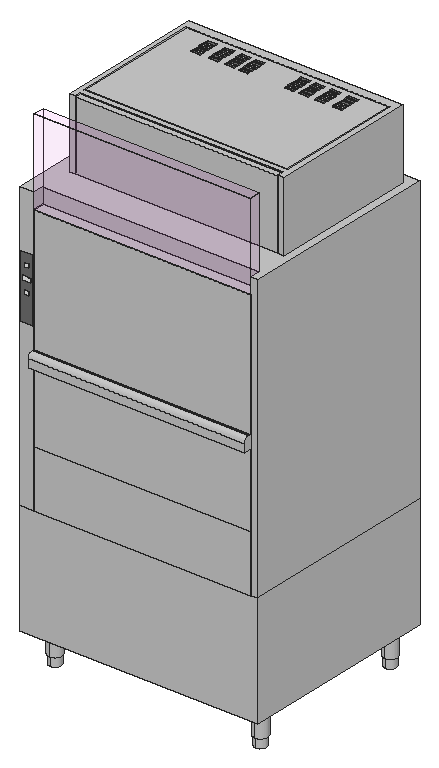
Revit family "QF_COMENDA_6G3161_6G3266_AA_CAT", category Attrezzature speciali, Revit 2021
Family settings
  Quota connettore circolare = Usa diametro
  Tipo di parte = Normale
  Numero OmniClass = 23.40.40.14
  Titolo OmniClass = Food Service Equipment
  Basato su piano di lavoro = No
  Sempre verticale = Sì
  Taglio con vuoti quando caricato = No
  Condiviso = No
  Punto di calcolo locali = No
Parameters (values of type "6G3161_AA")
  URL catalogo = "https://www.comenda.fr/pdf/docs/Gi/GAMME_GI_2023.pdf"
  URL = "www.comenda.fr"
  Tensione = 400 V
  Temperatura raccomandata per acqua calda = 50 °C
  Show Logo [instance] = yes
  Show Clearance [instance] = yes
  Protezione contro le sovracorrenti = 16 A
  Prospetto di default = 0 mm
  Profondità = 900 mm
  Pressione minima acqua calda = 2000.0 Pa
  Potenza elettrica = 9000 W
  Peso netto = 230.00 kg
  Numero dei poli = 3
  Modello = "Gi 805 R RCD CRC"
  Produttore = "COMENDA"
  Lunghezza = 1020 mm
  Frequenza = 50 Hz
  Fase = 3
  Diametro raccordo acqua calda = 3/4"
  Diametro dello scarico diretto di acqua = 1 3/8"
  Descrizione = "THREE-PHASE FRONT LOADING POTWASHER WITH RCD"
  Corrente di funzionamento normale = 13.7 A
  Assembly Code = ""
  Altezza dello scarico diretto acqua da pavimento finito = 145 mm
  Altezza da terra raccordo acqua calda = 175 mm
  Altezza allacciamento elettrico da pavimento finito = 135 mm
  Altezza = 2145 mm
Types (2, lengths in mm): name | Modello | Altezza
  6G3161_AA | "Gi 805 R RCD CRC" | 2145
  6G3266_AA | "Gi 805H R RCD CRC" | 2295
Reference planes
  plane 1 "Back": y = 0
  plane 2: z = 0
  plane 3 "Left": x = -30
  plane 4 "Right": x = 990
  plane 5 "Front": y = -900
  plane 6 "Top": z = 2145
Forms (mm)
  Revolve 1, solid
    sketch origin (50, -8.5, 0) x (0, 1, 0) y (0, 0, 1)
      loop
        line (-50, 135) -> (-80, 135) -> (-80, 0) -> (-55, 0) -> (-55, 40) -> (-50, 40) -> (-50, 135)
      axis (-80, 0) -> (-80, 135)
    angle from 0 to 360
  Revolve 2, solid
    sketch origin (50, -701.5, 0) x (0, 1, 0) y (0, 0, 1)
      loop
        line (-50, 135) -> (-80, 135) -> (-80, 0) -> (-55, 0) -> (-55, 40) -> (-50, 40) -> (-50, 135)
      axis (-80, 0) -> (-80, 135)
    angle from 0 to 360
  Revolve 3, solid
    sketch origin (935, -8.5, 0) x (0, 1, 0) y (0, 0, 1)
      loop
        line (-50, 135) -> (-80, 135) -> (-80, 0) -> (-55, 0) -> (-55, 40) -> (-50, 40) -> (-50, 135)
      axis (-80, 0) -> (-80, 135)
    angle from 0 to 360
  Revolve 4, solid
    sketch origin (935, -705, 0) x (0, 1, 0) y (0, 0, 1)
      loop
        line (-50, 135) -> (-80, 135) -> (-80, 0) -> (-55, 0) -> (-55, 40) -> (-50, 40) -> (-50, 135)
      axis (-80, 0) -> (-80, 135)
    angle from 0 to 360
  Extrusion 5, solid
    sketch origin (1.5, 0, 563.5) x (1, 0, 0) y (0, 1, 0)
      loop
        line (-31.5, 0) -> (-31.5, -870) -> (28.5, -870) -> (28.5, -820) -> (960, -820) -> (960, -870) -> (988.5, -870) -> (988.5, 0) -> (-31.5, 0)
    from 57 to 1281.5
  Extrusion 6, solid
    sketch origin (0, 0, -35) x (1, 0, 0) y (0, 1, 0)
      loop
        line (-30, 0) -> (-30, -870) -> (990, -870) -> (990, 0) -> (-30, 0)
    from 170 to 655
  Extrusion 7, solid
    sketch origin (33.5, 0, 0) x (0, 1, 0) y (0, 0, 1)
      loop
        line (-900, 1183) -> (-870, 1183) -> (-870, 1238) -> (-880, 1238)
        arc (-880, 1238) -> (-894.142, 1232.142) -> (-900, 1218) r 20
        line (-900, 1218) -> (-900, 1183)
    from -2.5 to 926.5
  Extrusion 8, solid
    sketch origin (0, 0, 620) x (1, 0, 0) y (0, 1, 0)
      loop
        line (31, -870) -> (960, -870) -> (960, -820) -> (31, -820) -> (31, -870)
    from 0 to 244
  Extrusion 9, solid
    sketch origin (0, 0, 864) x (1, 0, 0) y (0, 1, 0)
      loop
        line (31, -870) -> (960, -870) -> (960, -820) -> (31, -820) -> (31, -870)
    from 1 to 374
  Extrusion 10, solid
    sketch origin (0, 0, 1292) x (1, 0, 0) y (0, 1, 0)
      loop
        line (31.5, -870) -> (960, -870) -> (960, -820) -> (31.5, -820) -> (31.5, -870)
    from -54 to 486
  Extrusion 11, solid, visible <- "Show Clearance", detail levels coarse
    sketch origin (30, 0, -9) x (0, -1, 0) y (0, 0, 1)
      loop
        line (870, 873) -> (1072.633, 873)
        arc (1072.633, 873) -> (1017.98, 1067.621) -> (870, 1205.34) r 373.852
        line (870, 1205.34) -> (870, 873)
    from 0 to -928.5
  Extrusion 12, solid
    sketch origin (-775, -868.2, 728.939) x (1, 0, 0) y (0, 0, 1)
      loop
        line (800, 871) -> (750, 871) -> (750, 601) -> (800, 601) -> (800, 871)
    from 0 to 2
  Extrusion 13, solid
    sketch origin (-1975.001, -868.4, 756.591) x (1, 0, 0) y (0, 0, 1)
      loop
        line (1993.501, 752.409) -> (1956.501, 752.409) -> (1956.501, 734.409) -> (1993.501, 734.409) -> (1993.501, 752.409)
      loop
        line (1983.001, 788.909) -> (1983.001, 804.909) -> (1967.001, 804.909) -> (1967.001, 788.909) -> (1983.001, 788.909)
      loop
        line (1983.001, 681.909) -> (1983.001, 697.909) -> (1967.001, 697.909) -> (1967.001, 681.909) -> (1983.001, 681.909)
    from 0 to 2
  Extrusion 14, solid
    sketch origin (962, -870, 710) x (0, 1, 0) y (0, 0, -1)
      loop
        line (0, -1068) -> (0, -1435) -> (50, -1435) -> (50, -1068) -> (0, -1068)
    from 1.5 to 930.5
  Extrusion 15, void
    sketch origin (935, -785, 0) x (1, 0, 0) y (0, 1, 0)
      loop
        circle (-175, 175) r 17.5
    from 0 to 145
  Extrusion 16, void
    sketch origin (945, -785, 0) x (1, 0, 0) y (0, 1, 0)
      loop
        circle (-895, 35) r 10
    from 0 to 175
  Extrusion 17, solid
    sketch origin (0, 0, 135) x (0, 1, 0) y (1, 0, 0)
      loop
        circle (-848, 905) r 4.85
    from 0 to 1
  Extrusion 18, solid
    sketch origin (-1089.5, 119.987, 2067.993) x (1, 0, 0) y (0, 1, 0)
      loop
        line (1124.5, -165) -> (1124.5, -805) -> (1149.5, -805) -> (1149.5, -780) -> (2019.5, -780) -> (2019.5, -805) -> (2044.5, -805) -> (2044.5, -165) -> (1124.5, -165)
      loop
        line (2019.5, -755) -> (2019.5, -204.872) -> (1144.5, -204.872) -> (1144.5, -755) -> (2019.5, -755)
    from -222.993 to 77.007
  Extrusion 19, solid
    sketch origin (-1089.5, 119.987, 2067.993) x (1, 0, 0) y (0, 1, 0)
      loop
        line (2017.5, -206.872) -> (1151.5, -206.872) -> (1151.5, -753) -> (2017.5, -753) -> (2017.5, -206.872)
    from -222.993 to 77.007
  Extrusion 20, solid
    sketch origin (930, -660.013, 2067.993) x (-1, 0, 0) y (0, 0, -1)
      loop
        line (868, -75.007) -> (868, 222.993) -> (2, 222.993) -> (2, -75.007) -> (868, -75.007)
    from 0 to 25
  Extrusion 21, solid
    sketch origin (-1089.5, 119.987, 2145) x (1, 0, 0) y (0, 1, 0)
      loop
        line (1260.948, -234.377) -> (1260.948, -244.376) -> (1300.948, -244.376) -> (1300.948, -234.377) -> (1260.948, -234.377)
      loop
        line (1260.948, -254.377) -> (1260.948, -264.377) -> (1300.948, -264.377) -> (1300.948, -254.377) -> (1260.948, -254.377)
      loop
        line (1260.948, -274.377) -> (1260.948, -284.377) -> (1300.948, -284.377) -> (1300.948, -274.377) -> (1260.948, -274.377)
      loop
        line (1260.948, -294.377) -> (1260.948, -304.377) -> (1300.948, -304.377) -> (1300.948, -294.377) -> (1260.948, -294.377)
      loop
        line (1260.948, -314.377) -> (1260.948, -324.377) -> (1300.948, -324.377) -> (1300.948, -314.377) -> (1260.948, -314.377)
      loop
        line (1335.948, -234.377) -> (1335.948, -244.376) -> (1375.948, -244.376) -> (1375.948, -234.377) -> (1335.948, -234.377)
      loop
        line (1335.948, -254.377) -> (1335.948, -264.377) -> (1375.948, -264.377) -> (1375.948, -254.377) -> (1335.948, -254.377)
      loop
        line (1335.948, -274.377) -> (1335.948, -284.377) -> (1375.948, -284.377) -> (1375.948, -274.377) -> (1335.948, -274.377)
      loop
        line (1335.948, -294.377) -> (1335.948, -304.377) -> (1375.948, -304.377) -> (1375.948, -294.377) -> (1335.948, -294.377)
      loop
        line (1335.948, -314.377) -> (1335.948, -324.377) -> (1375.948, -324.377) -> (1375.948, -314.377) -> (1335.948, -314.377)
      loop
        line (1405.948, -234.377) -> (1405.948, -244.376) -> (1445.948, -244.376) -> (1445.948, -234.377) -> (1405.948, -234.377)
      loop
        line (1405.948, -254.377) -> (1405.948, -264.377) -> (1445.948, -264.377) -> (1445.948, -254.377) -> (1405.948, -254.377)
      loop
        line (1405.948, -274.377) -> (1405.948, -284.377) -> (1445.948, -284.377) -> (1445.948, -274.377) -> (1405.948, -274.377)
      loop
        line (1405.948, -294.377) -> (1405.948, -304.377) -> (1445.948, -304.377) -> (1445.948, -294.377) -> (1405.948, -294.377)
      loop
        line (1405.948, -314.377) -> (1405.948, -324.377) -> (1445.948, -324.377) -> (1445.948, -314.377) -> (1405.948, -314.377)
      loop
        line (1466.948, -234.377) -> (1466.948, -244.376) -> (1506.948, -244.376) -> (1506.948, -234.377) -> (1466.948, -234.377)
      loop
        line (1466.948, -254.377) -> (1466.948, -264.377) -> (1506.948, -264.377) -> (1506.948, -254.377) -> (1466.948, -254.377)
      loop
        line (1466.948, -274.377) -> (1466.948, -284.377) -> (1506.948, -284.377) -> (1506.948, -274.377) -> (1466.948, -274.377)
      loop
        line (1466.948, -294.377) -> (1466.948, -304.377) -> (1506.948, -304.377) -> (1506.948, -294.377) -> (1466.948, -294.377)
      loop
        line (1466.948, -314.377) -> (1466.948, -324.377) -> (1506.948, -324.377) -> (1506.948, -314.377) -> (1466.948, -314.377)
      loop
        line (1908.148, -234.377) -> (1868.148, -234.377) -> (1868.148, -244.376) -> (1908.148, -244.376) -> (1908.148, -234.377)
      loop
        line (1908.148, -254.377) -> (1868.148, -254.377) -> (1868.148, -264.377) -> (1908.148, -264.377) -> (1908.148, -254.377)
      loop
        line (1908.148, -274.377) -> (1868.148, -274.377) -> (1868.148, -284.377) -> (1908.148, -284.377) -> (1908.148, -274.377)
      loop
        line (1908.148, -294.377) -> (1868.148, -294.377) -> (1868.148, -304.377) -> (1908.148, -304.377) -> (1908.148, -294.377)
      loop
        line (1908.148, -314.377) -> (1868.148, -314.377) -> (1868.148, -324.377) -> (1908.148, -324.377) -> (1908.148, -314.377)
      loop
        line (1833.148, -234.377) -> (1793.148, -234.377) -> (1793.148, -244.376) -> (1833.148, -244.376) -> (1833.148, -234.377)
      loop
        line (1833.148, -254.377) -> (1793.148, -254.377) -> (1793.148, -264.377) -> (1833.148, -264.377) -> (1833.148, -254.377)
      loop
        line (1833.148, -274.377) -> (1793.148, -274.377) -> (1793.148, -284.377) -> (1833.148, -284.377) -> (1833.148, -274.377)
      loop
        line (1833.148, -294.377) -> (1793.148, -294.377) -> (1793.148, -304.377) -> (1833.148, -304.377) -> (1833.148, -294.377)
      loop
        line (1833.148, -314.377) -> (1793.148, -314.377) -> (1793.148, -324.377) -> (1833.148, -324.377) -> (1833.148, -314.377)
      loop
        line (1763.148, -234.377) -> (1723.148, -234.377) -> (1723.148, -244.376) -> (1763.148, -244.376) -> (1763.148, -234.377)
      loop
        line (1763.148, -254.377) -> (1723.148, -254.377) -> (1723.148, -264.377) -> (1763.148, -264.377) -> (1763.148, -254.377)
      loop
        line (1763.148, -274.377) -> (1723.148, -274.377) -> (1723.148, -284.377) -> (1763.148, -284.377) -> (1763.148, -274.377)
      loop
        line (1763.148, -294.377) -> (1723.148, -294.377) -> (1723.148, -304.377) -> (1763.148, -304.377) -> (1763.148, -294.377)
      loop
        line (1763.148, -314.377) -> (1723.148, -314.377) -> (1723.148, -324.377) -> (1763.148, -324.377) -> (1763.148, -314.377)
      loop
        line (1702.148, -234.377) -> (1662.148, -234.377) -> (1662.148, -244.376) -> (1702.148, -244.376) -> (1702.148, -234.377)
      loop
        line (1702.148, -254.377) -> (1662.148, -254.377) -> (1662.148, -264.377) -> (1702.148, -264.377) -> (1702.148, -254.377)
      loop
        line (1702.148, -274.377) -> (1662.148, -274.377) -> (1662.148, -284.377) -> (1702.148, -284.377) -> (1702.148, -274.377)
      loop
        line (1702.148, -294.377) -> (1662.148, -294.377) -> (1662.148, -304.377) -> (1702.148, -304.377) -> (1702.148, -294.377)
      loop
        line (1702.148, -314.377) -> (1662.148, -314.377) -> (1662.148, -324.377) -> (1702.148, -324.377) -> (1702.148, -314.377)
    from 0 to 0.5
Cuts and joins
  Extrusion 15, Extrusion 16 cuts Extrusion 5
  Extrusion 15, Extrusion 16 cuts Extrusion 6
  joined: Extrusion 5, Extrusion 6
Lines and regions (mm)
  symbolic lines, style "200-EquipBorder-2D"
    curve 1: line (-30, 0, 0) -> (990, 0, 0)
    curve 2: line (-30, -870, 0) -> (-30, 0, 0)
    curve 3: line (990, -870, 0) -> (-30, -870, 0)
    curve 4: line (990, 0, 0) -> (990, -870, 0)
    curve 7: line (31, -870, 0) -> (31, -900, 0)
    curve 8: line (31, -900, 0) -> (960, -900, 0)
    curve 10: line (960, -900, 0) -> (960, -870, 0)
  symbolic lines, style "200-EquipInternal-2D"
    curve 5: line (31, -870, 0) -> (31, -820, 0)
    curve 6: line (31, -820, 0) -> (960, -820, 0)
    curve 11: line (960, -820, 0) -> (960, -870, 0)
  symbolic lines, style "QF_Door-Drawer Clearances", visible <- "Show Clearance"
    curve 9: line (31, -870, 0) -> (31, -1072.633, 0)
    curve 12: line (960, -1072.633, 0) -> (960, -870, 0)
    curve 13: line (31, -1072.633, 0) -> (960, -1072.633, 0)
  symbolic lines, style "200-InsPoint-3D"
    curve 14: circle (-30, 0, 0) r 0.2 normal (0, 0, 1)
    curve 15: circle (990, 0, 0) r 0.2 normal (0, 0, 1)
    curve 16: circle (-30, -870, 0) r 0.2 normal (0, 0, 1)
    curve 17: circle (990, -870, 0) r 0.2 normal (0, 0, 1)
Dimensions and locks
  plane 3 "Left" to plane 4 "Right" = 1020 mm
  plane 5 "Front" to plane 1 "Back" = 900 mm
  "Altezza": plane 6 "Top" to level
  cut or joined group of Extrusion 5, Extrusion 6, Extrusion 15, Extrusion 16 to Extrusion 10 = 67 mm
  plane 6 "Top" to level = 2145 mm
  locked: Extrusion 9 to level at 865
  locked: cut or joined group of Extrusion 5, Extrusion 6, Extrusion 15, Extrusion 16 to level at 135
  locked: cut or joined group of Extrusion 5, Extrusion 6, Extrusion 15, Extrusion 16 to level at 620.5
  locked: Extrusion 13 to level at 1491
  locked: Extrusion 13 to Extrusion 12 at 108.561
  curve 12 to curve 11 = 0 mm
  Extrusion 11 to level = 864 mm
  Extrusion 18 sketch curve to Extrusion 18 sketch curve = 920 mm
  locked: Extrusion 18 sketch curve to Extrusion 18 sketch curve at 640
  locked: Extrusion 18 sketch curve to Extrusion 18 sketch curve at 25  (x3)
  Extrusion 18 sketch curve to Extrusion 18 sketch curve = 20 mm
  locked: plane 6 "Top" to cut or joined group of Extrusion 5, Extrusion 6, Extrusion 15, Extrusion 16 at 300
  locked: cut or joined group of Extrusion 5, Extrusion 6, Extrusion 15, Extrusion 16 to Extrusion 10 at 67
  locked: plane 6 "Top" to Extrusion 10 at 907
  aligned and locked: level to plane 2
  aligned and locked: Extrusion 7 sketch curve to Extrusion 9
  aligned and locked: Extrusion 14 sketch curve to Extrusion 10  (x2)
  aligned and locked: cut or joined group of Extrusion 5, Extrusion 6, Extrusion 15, Extrusion 16 to Extrusion 14 sketch curve
  aligned and locked: Extrusion 7 to Extrusion 9
  aligned and locked: Extrusion 9 to Extrusion 7
  aligned and locked: Extrusion 10 to Extrusion 7
  aligned and locked: Extrusion 14 to Extrusion 10
  aligned and locked: Extrusion 11 to curve 13
  aligned and locked: Extrusion 18 to Extrusion 19
  aligned and locked: Extrusion 20 to Extrusion 18  (x2)
  aligned and locked: Extrusion 20 to cut or joined group of Extrusion 5, Extrusion 6, Extrusion 15, Extrusion 16
  aligned and locked: Extrusion 18 to cut or joined group of Extrusion 5, Extrusion 6, Extrusion 15, Extrusion 16
  aligned and locked: Extrusion 19 to cut or joined group of Extrusion 5, Extrusion 6, Extrusion 15, Extrusion 16
  aligned and locked: plane 6 "Top" to Extrusion 18
  aligned and locked: plane 6 "Top" to Extrusion 14
  aligned and locked: Extrusion 11 to Extrusion 8
Automatic sketch dimensions
  Revolve 1 sketch curve to level = 0 mm
  plane 1 "Back" to Revolve 1 sketch curve = 88.5 mm
  Revolve 1 sketch curve to Revolve 1 sketch curve = 25 mm
  Revolve 1 sketch curve to Revolve 1 sketch curve = 5 mm
  level to Revolve 1 sketch curve = 40 mm
  Revolve 1 sketch curve to Revolve 1 sketch curve = 95 mm
  Revolve 1 sketch curve to Revolve 1 sketch curve = 0 mm
  Revolve 1 sketch curve to Revolve 1 sketch curve = 35 mm
  Revolve 1 sketch curve to Revolve 1 sketch curve = 15 mm
  Revolve 2 sketch curve to level = 0 mm
  plane 5 "Front" to Revolve 2 sketch curve = 118.5 mm
  Revolve 2 sketch curve to Revolve 2 sketch curve = 25 mm
  Revolve 2 sketch curve to Revolve 2 sketch curve = 5 mm
  level to Revolve 2 sketch curve = 40 mm
  Revolve 2 sketch curve to Revolve 2 sketch curve = 95 mm
  Revolve 2 sketch curve to Revolve 2 sketch curve = 0 mm
  Revolve 2 sketch curve to Revolve 2 sketch curve = 35 mm
  Revolve 2 sketch curve to Revolve 2 sketch curve = 15 mm
  Revolve 3 sketch curve to level = 0 mm
  plane 1 "Back" to Revolve 3 sketch curve = 88.5 mm
  Revolve 3 sketch curve to Revolve 3 sketch curve = 25 mm
  Revolve 3 sketch curve to Revolve 3 sketch curve = 5 mm
  level to Revolve 3 sketch curve = 40 mm
  Revolve 3 sketch curve to Revolve 3 sketch curve = 95 mm
  Revolve 3 sketch curve to Revolve 3 sketch curve = 0 mm
  Revolve 3 sketch curve to Revolve 3 sketch curve = 35 mm
  Revolve 3 sketch curve to Revolve 3 sketch curve = 15 mm
  Revolve 4 sketch curve to level = 0 mm
  plane 5 "Front" to Revolve 4 sketch curve = 115 mm
  Revolve 4 sketch curve to Revolve 4 sketch curve = 25 mm
  Revolve 4 sketch curve to Revolve 4 sketch curve = 5 mm
  level to Revolve 4 sketch curve = 40 mm
  Revolve 4 sketch curve to Revolve 4 sketch curve = 95 mm
  Revolve 4 sketch curve to Revolve 4 sketch curve = 0 mm
  Revolve 4 sketch curve to Revolve 4 sketch curve = 35 mm
  Revolve 4 sketch curve to Revolve 4 sketch curve = 15 mm
  plane 1 "Back" to Extrusion 5 sketch curve = 0 mm
  Extrusion 5 sketch curve to plane 3 "Left" = 0 mm
  Extrusion 5 sketch curve to plane 4 "Right" = 0 mm
  plane 3 "Left" to Extrusion 5 sketch curve = 60 mm
  Extrusion 5 sketch curve to Extrusion 5 sketch curve = 28.5 mm
  plane 5 "Front" to Extrusion 5 sketch curve = 80 mm
  plane 5 "Front" to Extrusion 5 sketch curve = 30 mm  (x2)
  Extrusion 6 sketch curve to plane 3 "Left" = 0 mm
  Extrusion 6 sketch curve to plane 4 "Right" = 0 mm
  plane 1 "Back" to Extrusion 6 sketch curve = 0 mm
  plane 5 "Front" to Extrusion 6 sketch curve = 30 mm
  Extrusion 7 sketch curve to plane 5 "Front" = 0 mm
  Extrusion 7 sketch curve to Extrusion 7 sketch curve = 20 mm
  Extrusion 7 sketch curve to Extrusion 7 sketch curve = 30 mm
  Extrusion 7 sketch curve to Extrusion 7 sketch curve = 35 mm
  Extrusion 6 to Extrusion 8 sketch curve = 0 mm
  Extrusion 8 sketch curve to Extrusion 6 = 61 mm
  Extrusion 8 sketch curve to Extrusion 6 = 30 mm
  Extrusion 8 sketch curve to Extrusion 6 = 50 mm
  Extrusion 9 sketch curve to Extrusion 8 = 0 mm  (x3)
  Extrusion 8 to Extrusion 9 sketch curve = 0 mm
  plane 3 "Left" to Extrusion 10 sketch curve = 61.5 mm
  plane 4 "Right" to Extrusion 10 sketch curve = 30 mm
  plane 5 "Front" to Extrusion 10 sketch curve = 30 mm
  Extrusion 10 sketch curve to Extrusion 10 sketch curve = 50 mm
  plane 5 "Front" to Extrusion 11 sketch curve = 201.219 mm
  plane 5 "Front" to Extrusion 11 sketch curve = 30 mm
  Extrusion 11 sketch curve to plane 5 "Front" = 172.633 mm
  Extrusion 11 sketch curve to plane 6 "Top" = 1281 mm
  plane 3 "Left" to Extrusion 12 sketch curve = 5 mm
  Extrusion 12 sketch curve to Extrusion 12 sketch curve = 50 mm
  Extrusion 12 sketch curve to plane 6 "Top" = 815.061 mm
  Extrusion 12 sketch curve to Extrusion 12 sketch curve = 270 mm
  plane 3 "Left" to Extrusion 13 sketch curve = 11.5 mm
  plane 3 "Left" to Extrusion 13 sketch curve = 22 mm  (x2)
  Extrusion 13 sketch curve to Extrusion 13 sketch curve = 16 mm  (x4)
  Extrusion 13 sketch curve to Extrusion 13 sketch curve = 37 mm
  Extrusion 13 sketch curve to plane 6 "Top" = 706.5 mm
  Extrusion 13 sketch curve to Extrusion 13 sketch curve = 36.5 mm  (x2)
  Extrusion 13 sketch curve to Extrusion 13 sketch curve = 18 mm
  Revolve 4 to Extrusion 15 sketch curve = 175 mm
  Revolve 4 to Extrusion 16 sketch curve = 885 mm
  Extrusion 6 to Extrusion 17 sketch curve = 22 mm
  Extrusion 6 to Extrusion 17 sketch curve = 85 mm
  plane 3 "Left" to Extrusion 18 sketch curve = 65 mm
  Extrusion 18 sketch curve to Extrusion 18 sketch curve = 0 mm
  plane 5 "Front" to Extrusion 18 sketch curve = 214.987 mm
  Extrusion 18 sketch curve to Extrusion 18 sketch curve = 25 mm  (x2)
  Extrusion 18 sketch curve to Extrusion 18 sketch curve = 39.872 mm
  plane 3 "Left" to Extrusion 19 sketch curve = 92 mm
  plane 4 "Right" to Extrusion 19 sketch curve = 62 mm
  plane 5 "Front" to Extrusion 19 sketch curve = 266.987 mm
  plane 1 "Back" to Extrusion 19 sketch curve = 86.885 mm
  Extrusion 20 sketch curve to Extrusion 18 = 2 mm
  Extrusion 18 to Extrusion 20 sketch curve = 2 mm  (x2)
  Extrusion 20 sketch curve to Extrusion 18 = 0 mm
  Extrusion 21 sketch curve to Extrusion 19 = 27.505 mm  (x5)
  Extrusion 21 sketch curve to Extrusion 19 = 109.448 mm
  Extrusion 21 sketch curve to Extrusion 21 sketch curve = 0 mm  (x58)
  Extrusion 21 sketch curve to Extrusion 21 sketch curve = 40 mm  (x10)
  Extrusion 21 sketch curve to Extrusion 21 sketch curve = 35 mm  (x4)
  Extrusion 21 sketch curve to Extrusion 21 sketch curve = 30 mm  (x4)
  Extrusion 21 sketch curve to Extrusion 21 sketch curve = 21 mm  (x4)
  Extrusion 21 sketch curve to Extrusion 21 sketch curve = 155.2 mm
  Extrusion 21 sketch curve to Extrusion 21 sketch curve = 10 mm  (x72)
  Extrusion 21 sketch curve to Extrusion 19 = 37.505 mm
  Extrusion 14 sketch curve to Extrusion 14 sketch curve = 367 mm
  curve 16 to plane 3 "Left" = 0 mm
  curve 2 to plane 3 "Left" = 0 mm
  plane 1 "Back" to curve 14 = 0 mm
  curve 14 to plane 3 "Left" = 0 mm
  curve 8 to plane 5 "Front" = 0 mm
  plane 1 "Back" to curve 4 = 0 mm
  curve 4 to plane 4 "Right" = 0 mm
  plane 1 "Back" to curve 15 = 0 mm
  curve 15 to plane 4 "Right" = 0 mm
  curve 17 to plane 4 "Right" = 0 mm
  plane 3 "Left" to curve 13 = 61 mm
  curve 5 to curve 9 = 0 mm
  curve 8 to curve 5 = 0 mm
  plane 4 "Right" to curve 13 = 30 mm
  curve 8 to curve 11 = 0 mm
  plane 5 "Front" to curve 4 = 30 mm
  curve 17 to curve 3 = 0 mm
  curve 16 to curve 2 = 0 mm
  curve 10 to curve 6 = 50 mm
  radius of Extrusion 15 sketch curve = 17.5 mm
  radius of Extrusion 16 sketch curve = 10 mm
  radius of Extrusion 17 sketch curve = 4.85 mm
  radius of curve 14 = 0.2 mm
  radius of curve 15 = 0.2 mm
  radius of curve 16 = 0.2 mm
  radius of curve 17 = 0.2 mm
Connectors
  piping at (760, -610, 145), diameter 35
    settings: on cut or joined group of Extrusion 5, Extrusion 6, Extrusion 15, Extrusion 16, index 1, connector inside diameter 24", connector length 0 mm, flow factor 0, pipe flow 0.0 L/s, pressure drop 0.0 Pa, fitting loss kfactor 0, connector angle 0.00°, fixture units 0, engagement length 0 mm, angle of deflection 0.00°, flow configuration 0, flow direction 0, fitting loss method 0, system type 19, joint type 0, gender type 0, connector reference index -1, connector utility 0, adjustable connector no, is connector primary yes, connector description ""
  piping at (760, -610, 145), diameter 34.925, driven by "Diametro dello scarico diretto di acqua"
    settings: on cut or joined group of Extrusion 5, Extrusion 6, Extrusion 15, Extrusion 16, index 2, connector inside diameter 24", connector length 0 mm, flow factor 0, pipe flow 0.0 L/s, pressure drop 0.0 Pa, fitting loss kfactor 0, connector angle 0.00°, fixture units 0, engagement length 0 mm, angle of deflection 0.00°, flow configuration 0, flow direction 2, fitting loss method 0, system type 16, joint type 0, gender type 0, connector reference index -1, connector utility 0, adjustable connector no, is connector primary no, connector description "QF_DRAIN_CONNECTION"
  piping at (50, -750, 175), diameter 19.05, driven by "Diametro raccordo acqua calda"
    settings: on cut or joined group of Extrusion 5, Extrusion 6, Extrusion 15, Extrusion 16, index 3, connector inside diameter 24", connector length 0 mm, flow factor 0, pipe flow 0.0 L/s, pressure drop 0.0 Pa, fitting loss kfactor 0, connector angle 0.00°, fixture units 0, engagement length 0 mm, angle of deflection 0.00°, flow configuration 0, flow direction 1, fitting loss method 0, system type 19, joint type 0, gender type 0, connector reference index -1, connector utility 0, adjustable connector no, is connector primary no, connector description "QF_WATER_CONNECTION"
  electrical at (905, -848, 135), driven by "Numero dei poli", driven by "Tensione", driven by "Potenza elettrica"
    settings: on Extrusion 17, index 4, voltage 400 V, apparent load 9000 VA, apparent load phase1 0 VA, apparent load phase2 0 VA, apparent load phase3 0 VA, power factor 1, load classification "Altro", number of poles 3, system type 30, power factor state 1, is connector primary yes, connector utility no, sub classification motor no, connector description "QF_ELECTRICAL_CONNCTION"
